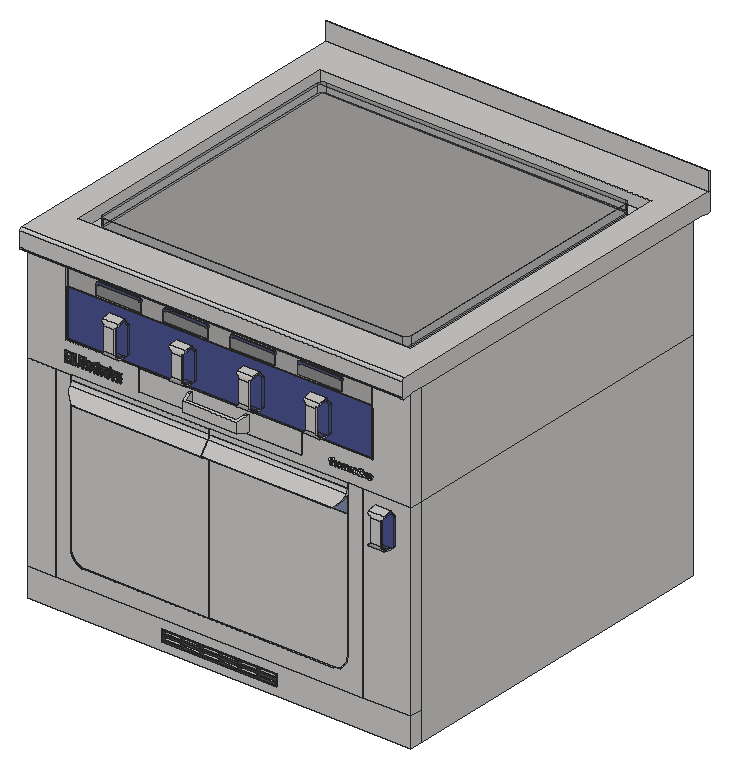
Revit family "QF_ELECTROLUXPROFESSIONAL_588458_MALPEBH4AO", category Attrezzature speciali, Revit 2020
Family settings
  Quota connettore circolare = Usa diametro
  Tipo di parte = Normale
  Basato su piano di lavoro = No
  Sempre verticale = Sì
  Taglio con vuoti quando caricato = No
  Condiviso = No
  Punto di calcolo locali = No
Parameters (values of type "Standard")
  Weight = 143.00 kg
  Watts = 14300 W
  Volts = 400 V
  URL Manufacturer = "https://www.electroluxprofessional.com/"
  URL = "https://www.electroluxprofessional.com/"
  Steam Supply Size = 0"
  Steam Supply Minimum Pressure = 0.00 psi
  Steam Supply Maximum Pressure = 0.00 psi
  Steam Consumption per Hour = 0
  Refrigeration Suction Line Size = 0 mm
  Refrigeration Liquid Line Size = 0 mm
  Refrigerant Compressor Remote = yes
  Prospetto di default = 0 mm
  Phase = 3
  Modello = "MALPEBH4AO"
  Produttore = "Electrolux Professional"
  Length Actual = 800 mm  # constant formula
  Item Number = "588458"
  Hot Water Size = 0"
  Height Actual = 700 mm  # constant formula
  HP = "19.2 HP"
  Gas Size = 0"
  Gas KW = 0
  Gas Input Pressure = 0.0 Btu/h
  Direct Waste Size = 0"
  Descrizione = "EL.SOLID TOP,WARM.CAB.1S,BS,800X800X700H"
  Depth Actual = 800 mm  # constant formula
  Cycle = 50 Hz
  Condensate Return Size = 0"
  Compressed Air Volume = 0 GPM
  Compressed Air Size = 0"
  Compressed Air Pressure = 0.00 psi
  Cold Water Size = 0"
  Accessory = yes
Reference planes
  plane 1 "BACK": y = 0
  plane 2: z = 0
  plane 3 "LEFT": x = 0
  plane 4 "RIGHT": x = 800
  plane 5 "FRONT": y = -800
  plane 6 "TOP": z = 900
  plane 7 "Center (Left/Right)": x = 400
  plane 8: y = -400
  plane 9: z = 200
  plane 10: y = -150
  plane 11 "Panel": y = -755
  plane 12: z = 798
  plane 13: z = 1327
  plane 14: x = 78
  plane 15: x = 722
  plane 16: y = -150
  plane 17: y = -650
  plane 18 "EIx": x = 755
  plane 19 "EIy": y = -585
  plane 20: x = 380
  plane 21 "BASE_TOP": z = 650
  plane 22: x = 60
  plane 23: x = 700
  plane 24: z = 260
  plane 25: z = 938
Forms (mm)
  Extrusion 1, solid, material "QF_Finishes_Stainless Steel"
    sketch origin (-178.969, -4571, 200) x (-1, 0, 0) y (0, -1, 0)
      loop
        line (-178.969, -4526) -> (-178.969, -3816) -> (-978.969, -3816) -> (-978.969, -4526) -> (-178.969, -4526)
    from 450 to 663
  Extrusion 2, solid, material "QF_Finishes_Stainless Steel"
    sketch origin (0, 0, 0) x (0, 1, 0) y (0, 0, 1)
      loop
        line (-755, 200) -> (-755, 260) -> (-780, 260) -> (-780, 200) -> (-755, 200)
    from 0 to 800
  Extrusion 3, solid, material "QF_Finishes_Stainless Steel"
    sketch origin (-588.969, -4562, 200) x (-1, 0, 0) y (0, -1, 0)
      loop
        circle (-1343.969, -3977) r 6.35
    from 0 to -11.851
  Extrusion 4, solid, material "QF_Finishes_Stainless Steel"
    sketch origin (400, 296.4, 1219.2) x (0, 1, 0) y (0, 0, 1)
      loop
        line (-296.4, -319.2) -> (-1091.4, -319.2)
        arc (-1091.4, -319.2) -> (-1094.935, -320.664) -> (-1096.4, -324.2) r 5
        line (-1096.4, -324.2) -> (-1096.4, -355.2)
        arc (-1096.4, -355.2) -> (-1094.971, -358.264) -> (-1091.705, -359.139) r 4
        line (-1091.705, -359.139) -> (-1076.4, -356.231) -> (-316.4, -356.231) -> (-301.094, -359.139)
        arc (-301.094, -359.139) -> (-297.829, -358.264) -> (-296.4, -355.2) r 4
        line (-296.4, -355.2) -> (-296.4, -319.2)
    from -400 to 400
  Extrusion 5, solid, material "QF_Finishes_Electrolux_Black Smoke Iluminated"
    sketch origin (0, 0, 900) x (-1, 0, 0) y (0, -1, 0)
      loop
        arc (-88, 109) -> (-80.929, 111.929) -> (-78, 119) r 10
        line (-78, 119) -> (-78, 680)
        arc (-78, 680) -> (-80.929, 687.071) -> (-88, 690) r 10
        line (-88, 690) -> (-712, 690)
        arc (-712, 690) -> (-719.071, 687.071) -> (-722, 680) r 10
        line (-722, 680) -> (-722, 119)
        arc (-722, 119) -> (-719.071, 111.929) -> (-712, 109) r 10
        line (-712, 109) -> (-88, 109)
    from 0 to -20
  Extrusion 6, solid, material "QF_Finishes_Stainless Steel"
    sketch origin (-178.969, -4571, 200) x (-1, 0, 0) y (0, -1, 0)
      loop
        line (-178.969, -4526) -> (-178.969, -3816) -> (-978.969, -3816) -> (-978.969, -4526) -> (-178.969, -4526)
    from 450 to 0
  Extrusion 7, void
    sketch origin (0, -755, 0) x (-1, 0, 0) y (0, 0, 1)
      loop
        line (-520, 216.594) -> (-280, 216.594) -> (-280, 241.594) -> (-520, 241.594) -> (-520, 216.594)
    from 0 to -25
  Extrusion 8, solid, material "QF_Finishes_Black"
    sketch origin (0, -755, 0) x (-1, 0, 0) y (0, 0, 1)
      loop
        line (-280, 241.594) -> (-520, 241.594) -> (-520, 216.594) -> (-280, 216.594) -> (-280, 241.594)
      loop
        line (-282, 239.594) -> (-319.131, 239.594) -> (-319.131, 230.094) -> (-282, 230.094) -> (-282, 239.594)
      loop
        line (-282, 218.594) -> (-282, 228.094) -> (-319.131, 228.094) -> (-319.131, 218.594) -> (-282, 218.594)
      loop
        line (-321.131, 239.594) -> (-359.066, 239.594) -> (-359.066, 230.094) -> (-321.131, 230.094) -> (-321.131, 239.594)
      loop
        line (-399, 239.594) -> (-399, 230.094) -> (-361.066, 230.094) -> (-361.066, 239.594) -> (-399, 239.594)
      loop
        line (-401, 239.594) -> (-438.934, 239.594) -> (-438.934, 230.094) -> (-401, 230.094) -> (-401, 239.594)
      loop
        line (-359.066, 218.594) -> (-321.131, 218.594) -> (-321.131, 228.094) -> (-359.066, 228.094) -> (-359.066, 218.594)
      loop
        line (-361.066, 218.594) -> (-361.066, 228.094) -> (-399, 228.094) -> (-399, 218.594) -> (-361.066, 218.594)
      loop
        line (-401, 228.094) -> (-438.934, 228.094) -> (-438.934, 218.594) -> (-401, 218.594) -> (-401, 228.094)
      loop
        line (-518, 239.594) -> (-518, 230.094) -> (-480.869, 230.094) -> (-480.869, 239.594) -> (-518, 239.594)
      loop
        line (-518, 218.594) -> (-480.869, 218.594) -> (-480.869, 228.094) -> (-518, 228.094) -> (-518, 218.594)
      loop
        line (-478.869, 239.594) -> (-478.869, 230.094) -> (-440.934, 230.094) -> (-440.934, 239.594) -> (-478.869, 239.594)
      loop
        line (-440.934, 218.594) -> (-440.934, 228.094) -> (-478.869, 228.094) -> (-478.869, 218.594) -> (-440.934, 218.594)
    from -25.03 to -20
  Extrusion 9, void
    sketch origin (0, 0, 900) x (-1, 0, 0) y (0, -1, 0)
      loop
        line (-53, 715) -> (-747, 715) -> (-747, 84) -> (-53, 84) -> (-53, 715)
    from 0 to -25
  Extrusion 10, solid, material "QF_Finishes_Stainless Steel"
    sketch origin (0, 0, 900) x (-1, 0, 0) y (0, -1, 0)
      loop
        line (-82, 113) -> (-82, 686) -> (-718, 686) -> (-718, 113) -> (-82, 113)
    from -20 to -25
  Extrusion 11, solid, material "QF_Finishes_Stainless Steel"
    sketch origin (0, -755, 0) x (-1, 0, 0) y (0, 0, 1)
      loop
        line (0, 260) -> (0, 650) -> (-60, 650) -> (-60, 260) -> (0, 260)
    from 0 to -25.03
  Extrusion 12, solid, material "QF_Finishes_Stainless Steel"
    sketch origin (0, -755, 0) x (-1, 0, 0) y (0, 0, 1)
      loop
        line (-700, 260) -> (-700, 650) -> (-800, 650) -> (-800, 260) -> (-700, 260)
    from 0 to -25.03
  Extrusion 13, solid, material "QF_Finishes_Stainless Steel"
    sketch origin (70, -755, 0) x (-1, 0, 0) y (0, 0, 1)
      loop
        line (10, 260) -> (10, 650) -> (-20, 650) -> (-20, 325)
        arc (-20, 325) -> (-28.787, 303.787) -> (-50, 295) r 30
        line (-50, 295) -> (-570, 295)
        arc (-570, 295) -> (-591.213, 303.787) -> (-600, 325) r 30
        line (-600, 325) -> (-600, 650) -> (-630, 650) -> (-630, 260) -> (10, 260)
    from 0 to -25.03
  Extrusion 14, solid, material "QF_Finishes_Stainless Steel"
    sketch origin (400, 296.4, 1219.2) x (0, 1, 0) y (0, 0, 1)
      loop
        line (-296.4, -281.2) -> (-298.4, -281.2) -> (-298.4, -319.2) -> (-296.4, -319.2) -> (-296.4, -281.2)
    from -400 to 400
Cuts and joins
  Extrusion 7 cuts Extrusion 6
  Extrusion 7 cuts Extrusion 2
  Extrusion 9 cuts Extrusion 4
Lines and regions (mm)
  symbolic lines
    curve 1: line (0, 0, 200) -> (800, 0, 200)
    curve 2: line (0, -800, 200) -> (0, 0, 200)
    curve 3: line (800, -800, 200) -> (0, -800, 200)
    curve 4: line (800, 0, 200) -> (800, -800, 200)
    curve 5: line (712, -109, 200) -> (88, -109, 200)
    curve 6: line (78, -119, 200) -> (78, -680, 200)
    curve 7: line (88, -690, 200) -> (712, -690, 200)
    curve 8: line (722, -680, 200) -> (722, -119, 200)
    curve 9: arc (88, -109, 200) -> (80.929, -111.929, 200) -> (78, -119, 200) r 10
    curve 10: arc (722, -119, 200) -> (719.071, -111.929, 200) -> (712, -109, 200) r 10
    curve 11: arc (712, -690, 200) -> (719.071, -687.071, 200) -> (722, -680, 200) r 10
    curve 12: arc (78, -680, 200) -> (80.929, -687.071, 200) -> (88, -690, 200) r 10
    curve 13: line (747, -84, 900) -> (53, -84, 900)
    curve 14: line (53, -84, 900) -> (53, -715, 900)
    curve 15: line (747, -715, 900) -> (747, -84, 900)
    curve 16: line (53, -715, 900) -> (747, -715, 900)
    curve 33: line (0, -2, 900) -> (800, -2, 900)
  model lines, style "SpecialityEquipment"
    curve 17: arc (584, -161, 900) -> (530.967, -289.033, 900) -> (659, -236, 900) r 75
    curve 18: line (639, -236, 900) -> (679, -236, 900)
    curve 19: line (679, -236, 900) -> (659, -216, 900)
    curve 20: line (639, -236, 900) -> (659, -216, 900)
    curve 21: arc (216, -161, 900) -> (162.967, -289.033, 900) -> (291, -236, 900) r 75
    curve 22: line (271, -236, 900) -> (311, -236, 900)
    curve 23: line (311, -236, 900) -> (291, -216, 900)
    curve 24: line (271, -236, 900) -> (291, -216, 900)
    curve 25: arc (584, -489, 900) -> (530.967, -617.033, 900) -> (659, -564, 900) r 75
    curve 26: line (639, -564, 900) -> (679, -564, 900)
    curve 27: line (679, -564, 900) -> (659, -544, 900)
    curve 28: line (639, -564, 900) -> (659, -544, 900)
    curve 29: arc (216, -489, 900) -> (162.967, -617.033, 900) -> (291, -564, 900) r 75
    curve 30: line (271, -564, 900) -> (311, -564, 900)
    curve 31: line (311, -564, 900) -> (291, -544, 900)
    curve 32: line (271, -564, 900) -> (291, -544, 900)
Dimensions and locks
  plane 3 "LEFT" to plane 4 "RIGHT" = 800 mm
  plane 5 "FRONT" to plane 1 "BACK" = 800 mm
  equal spacing: plane 3 "LEFT", plane 7 "Center (Left/Right)", plane 4 "RIGHT"
  equal spacing: plane 5 "FRONT", plane 8, plane 1 "BACK"
  plane 9 to level = 200 mm
  plane 1 "BACK" to plane 10 to plane 11 "Panel" = 150 mm, 605 mm  (x2)
  plane 6 "TOP" to plane 9 to level = 700 mm, 200 mm
  plane 6 "TOP" to level = 900 mm
  plane 1 "BACK" to plane 5 "FRONT" = 800 mm
  plane 1 "BACK" to Extrusion 3 = 585 mm
  plane 12 to plane 9 = 598 mm
  plane 13 to plane 6 "TOP" = 427 mm
  plane 6 "TOP" to plane 12 = 102 mm
  plane 14 to plane 3 "LEFT" = 78 mm
  plane 15 to plane 4 "RIGHT" = 78 mm
  locked: plane 1 "BACK" to plane 16 at 150
  locked: plane 16 to plane 17 at 500
  plane 11 "Panel" to plane 5 "FRONT" = 45 mm
  plane 18 "EIx" to plane 4 "RIGHT" = 45 mm
  plane 19 "EIy" to plane 1 "BACK" = 585 mm
  plane 7 "Center (Left/Right)" to plane 20 = 20 mm
  locked: plane 22 to plane 3 "LEFT" at 60
  plane 23 to plane 4 "RIGHT" = 100 mm
  plane 6 "TOP" to plane 21 "BASE_TOP" to plane 9 to level = 250 mm, 450 mm, 200 mm
  plane 1 "BACK" to Extrusion 14 sketch curve = 2 mm
  plane 25 to plane 6 "TOP" = 38 mm
  aligned and locked: level to plane 2
  aligned and locked: Extrusion 2 to plane 4 "RIGHT"
  aligned and locked: Extrusion 12 to plane 4 "RIGHT"
  aligned and locked: Extrusion 12 to plane 23
  aligned and locked: plane 21 "BASE_TOP" to Extrusion 12
  aligned and locked: Extrusion 12 to plane 24
  aligned and locked: Extrusion 11 to plane 3 "LEFT"
  aligned and locked: plane 22 to Extrusion 11
  aligned and locked: Extrusion 11 to plane 24
  aligned and locked: Extrusion 13 sketch curve to plane 22
  aligned and locked: Extrusion 13 sketch curve to plane 23
  aligned and locked: Extrusion 13 sketch curve to plane 21 "BASE_TOP"
  aligned and locked: plane 6 "TOP" to Extrusion 14 sketch curve
  aligned and locked: Extrusion 14 sketch curve to plane 25
  aligned and locked: Extrusion 14 to plane 3 "LEFT"
  aligned and locked: Extrusion 14 to plane 4 "RIGHT"
  aligned and locked: plane 24 to cut or joined group of Extrusion 2, Extrusion 7
Automatic sketch dimensions
  Extrusion 1 sketch curve to plane 4 "RIGHT" = 0 mm
  Extrusion 1 sketch curve to plane 3 "LEFT" = 0 mm
  plane 11 "Panel" to Extrusion 1 sketch curve = 0 mm
  plane 1 "BACK" to Extrusion 1 sketch curve = 45 mm
  Extrusion 2 sketch curve to plane 9 = 0 mm
  Extrusion 2 sketch curve to plane 11 "Panel" = 0 mm
  plane 24 to Extrusion 2 sketch curve = 0 mm
  Extrusion 2 sketch curve to plane 5 "FRONT" = 20 mm
  plane 1 "BACK" to curve 1 = 0 mm
  curve 1 to plane 4 "RIGHT" = 0 mm
  curve 8 to plane 15 = 0 mm
  curve 6 to plane 14 = 0 mm
  curve 2 to plane 3 "LEFT" = 0 mm
  plane 5 "FRONT" to curve 3 = 0 mm
  plane 15 to curve 5 = 10 mm
  curve 11 to curve 11 = 10 mm
  curve 5 to plane 14 = 10 mm
  curve 12 to curve 6 = 10 mm
  plane 10 to curve 5 = 41 mm
  plane 17 to curve 11 = 30 mm
  Extrusion 3 sketch curve to plane 18 "EIx" = 0 mm
  Extrusion 3 sketch curve to plane 19 "EIy" = 0 mm
  Extrusion 4 sketch curve to plane 5 "FRONT" = 0 mm
  Extrusion 4 sketch curve to plane 6 "TOP" = 0 mm
  Extrusion 4 sketch curve to plane 1 "BACK" = 0 mm
  Extrusion 4 sketch curve to plane 5 "FRONT" = 4 mm
  Extrusion 4 sketch curve to Extrusion 4 sketch curve = 0.695 mm
  Extrusion 4 sketch curve to plane 5 "FRONT" = 5 mm
  Extrusion 4 sketch curve to Extrusion 4 sketch curve = 15.305 mm
  plane 1 "BACK" to Extrusion 4 sketch curve = 20 mm
  plane 1 "BACK" to Extrusion 4 sketch curve = 4.695 mm
  Extrusion 4 sketch curve to Extrusion 4 sketch curve = 4 mm
  Extrusion 4 sketch curve to Extrusion 4 sketch curve = 31 mm
  Extrusion 4 sketch curve to plane 6 "TOP" = 36 mm
  Extrusion 4 sketch curve to Extrusion 4 sketch curve = 2.909 mm
  Extrusion 5 sketch curve to plane 15 = 0 mm
  Extrusion 5 sketch curve to plane 14 = 0 mm
  plane 15 to Extrusion 5 sketch curve = 10 mm  (x2)
  Extrusion 5 sketch curve to Extrusion 5 sketch curve = 10 mm  (x2)
  plane 10 to Extrusion 5 sketch curve = 41 mm
  plane 17 to Extrusion 5 sketch curve = 30 mm
  Extrusion 6 sketch curve to plane 4 "RIGHT" = 0 mm
  Extrusion 6 sketch curve to plane 3 "LEFT" = 0 mm
  plane 11 "Panel" to Extrusion 6 sketch curve = 0 mm
  plane 1 "BACK" to Extrusion 6 sketch curve = 45 mm
  plane 9 to Extrusion 7 sketch curve = 41.594 mm
  plane 7 "Center (Left/Right)" to Extrusion 7 sketch curve = 120 mm
  Extrusion 7 sketch curve to plane 20 = 100 mm
  plane 9 to Extrusion 7 sketch curve = 16.594 mm
  plane 9 to Extrusion 8 sketch curve = 41.594 mm
  plane 7 "Center (Left/Right)" to Extrusion 8 sketch curve = 120 mm
  Extrusion 8 sketch curve to Extrusion 8 sketch curve = 2 mm  (x16)
  Extrusion 8 sketch curve to Extrusion 8 sketch curve = 0 mm  (x15)
  Extrusion 8 sketch curve to Extrusion 8 sketch curve = 37.131 mm  (x2)
  Extrusion 8 sketch curve to Extrusion 8 sketch curve = 37.934 mm  (x2)
  plane 7 "Center (Left/Right)" to Extrusion 8 sketch curve = 1 mm  (x2)
  Extrusion 8 sketch curve to plane 7 "Center (Left/Right)" = 1 mm  (x2)
  Extrusion 8 sketch curve to plane 20 = 18.934 mm
  plane 9 to Extrusion 8 sketch curve = 18.594 mm  (x4)
  Extrusion 8 sketch curve to Extrusion 8 sketch curve = 9.5 mm  (x6)
  plane 18 "EIx" to Extrusion 9 sketch curve = 8 mm
  Extrusion 9 sketch curve to plane 22 = 7 mm
  plane 10 to Extrusion 9 sketch curve = 66 mm
  plane 11 "Panel" to Extrusion 9 sketch curve = 40 mm
  plane 15 to Extrusion 10 sketch curve = 4 mm
  Extrusion 10 sketch curve to plane 14 = 4 mm
  plane 10 to Extrusion 10 sketch curve = 37 mm
  plane 17 to Extrusion 10 sketch curve = 36 mm
  plane 18 "EIx" to curve 16 = 8 mm
  curve 19 to plane 23 = 21 mm
  curve 27 to plane 23 = 21 mm
  curve 26 to curve 27 = 20 mm
  curve 18 to curve 20 = 20 mm
  curve 19 to curve 20 = 20 mm
  curve 27 to curve 26 = 20 mm
  curve 18 to curve 17 = 55 mm
  curve 26 to curve 25 = 55 mm
  curve 31 to plane 20 = 69 mm
  curve 23 to plane 20 = 69 mm
  curve 22 to curve 24 = 20 mm
  curve 30 to curve 31 = 20 mm
  curve 31 to curve 32 = 20 mm
  curve 23 to curve 24 = 20 mm
  curve 22 to curve 21 = 55 mm
  curve 30 to curve 29 = 55 mm
  curve 14 to plane 22 = 7 mm
  curve 22 to plane 10 = 86 mm
  curve 18 to plane 10 = 86 mm
  plane 10 to curve 13 = 66 mm
  plane 11 "Panel" to curve 15 = 40 mm
  curve 25 to curve 26 = 20 mm
  curve 17 to curve 18 = 20 mm
  curve 29 to curve 30 = 20 mm
  curve 21 to curve 22 = 20 mm
  Extrusion 11 sketch curve to plane 22 = 0 mm
  Extrusion 11 sketch curve to plane 3 "LEFT" = 0 mm
  Extrusion 11 sketch curve to plane 24 = 0 mm
  Extrusion 11 sketch curve to plane 21 "BASE_TOP" = 0 mm
  plane 4 "RIGHT" to Extrusion 12 sketch curve = 0 mm
  Extrusion 12 sketch curve to plane 21 "BASE_TOP" = 0 mm
  Extrusion 12 sketch curve to plane 23 = 0 mm
  Extrusion 12 sketch curve to plane 24 = 0 mm
  Extrusion 13 sketch curve to plane 21 "BASE_TOP" = 0 mm
  Extrusion 13 sketch curve to plane 24 = 0 mm
  Extrusion 13 sketch curve to plane 23 = 30 mm
  Extrusion 13 sketch curve to Extrusion 13 sketch curve = 30 mm
  Extrusion 13 sketch curve to plane 14 = 42 mm
  Extrusion 13 sketch curve to plane 14 = 12 mm
  plane 24 to Extrusion 13 sketch curve = 35 mm
  Extrusion 14 sketch curve to plane 1 "BACK" = 0 mm
  plane 19 "EIy" to curve 31 = 21 mm
  plane 19 "EIy" to curve 27 = 41 mm
  radius of Extrusion 3 sketch curve = 6.35 mm
Nested families
  nested 1: "FIT Range Control Handle" at (745, -783.167, -372.751), type "FIT Range Control Handle"
  nested 2: "Front_Panel_W800_Four Knobs" at (202.376, -755, 0), type "Front_Panel_W800_Four Knobs"
  nested 3: "H450H2_2DOOR" at (343.958, -755, 200) x (1, 0, 0) z (0, -1, 0), type "H450H2_2DOOR"
    with Width 580 mm, Wdoor 290 mm, Show Clearance yes
  nested 4: "Warm" at (800, -800, 900), type "Warm"
Connectors
  electrical at (755, -585, 188.149)
    settings: on Extrusion 3, index 1, voltage 400 V, apparent load 33000 VA, apparent load phase1 0 VA, apparent load phase2 0 VA, apparent load phase3 0 VA, power factor 1, load classification "Other", number of poles 1, system type 30, power factor state 1, is connector primary yes, connector utility no, sub classification motor no, connector description "ELECTRICAL CONNECTION"
Definition of nested family "FIT Range Control Handle"
  Parameters
    Default Elevation = 0 mm
  Reference planes
    plane 1 "Center (Front/Back)": y = 0
    plane 2: z = 0
    plane 3 "Center (Left/Right)": x = 0
    plane 4: z = 971.092
    plane 5: y = -16.8
  Forms (mm)
    Extrusion 1, solid
      sketch origin (-746.28, 380.497, 208.931) x (-1, 0, 0) y (0, 0, 1)
        loop
          line (-770.101, 786.798) -> (-770.101, 731.649)
          arc (-770.101, 731.649) -> (-769.759, 730.563) -> (-768.855, 729.87) r 1.893
          line (-768.855, 729.87) -> (-763.474, 727.911) -> (-729.81, 727.911) -> (-724.428, 729.87)
          arc (-724.428, 729.87) -> (-723.525, 730.563) -> (-723.183, 731.649) r 1.893
          line (-723.183, 731.649) -> (-723.183, 786.798)
          arc (-723.183, 786.798) -> (-723.529, 787.894) -> (-724.44, 788.593) r 1.91
          line (-724.44, 788.593) -> (-729.683, 790.819) -> (-763.601, 790.819) -> (-768.844, 788.593)
          arc (-768.844, 788.593) -> (-769.755, 787.894) -> (-770.101, 786.798) r 1.91
      from -382.35 to -378.852
    Sweep 2, solid
      path origin (-746.788, 380.496, 208.091) x (0, -1, 0) y (0, 0, 1)
        loop
          line (379.775, 793.281) -> (395.661, 791.048)
          arc (395.661, 791.048) -> (397.781, 787.377) -> (398.517, 783.202) r 12.207
          line (398.517, 783.202) -> (398.517, 737.368)
          arc (398.517, 737.368) -> (397.781, 733.193) -> (395.661, 729.522) r 12.207
          line (395.661, 729.522) -> (379.775, 727.289)
      profile origin (-746.788, -7.222, 1000.256) x (0, -0.139173, 0.990268) y (-1, 0, 0)
        loop
          line (0.782, -763.123) -> (0.782, -730.907) -> (-1.322, -730.907) -> (-1.322, -763.123) -> (0.782, -763.123)
    Sweep 3, solid
      path origin (-746.788, 380.715, 207.832) x (0, -1, 0) y (0, 0, 1)
        loop
          line (380.478, 795.442) -> (397.218, 793.09)
          arc (397.218, 793.09) -> (399.929, 788.473) -> (400.871, 783.202) r 15.207
          line (400.871, 783.202) -> (400.871, 737.584)
          arc (400.871, 737.584) -> (399.914, 732.274) -> (397.164, 727.633) r 15.207
          line (397.164, 727.633) -> (380.601, 725.305)
      profile origin (-746.788, -8.132, 1002.099) x (0, -0.139173, 0.990268) y (-1, 0, 0)
        loop
          line (0.782, -763.123) -> (0.782, -730.907) -> (-1.322, -730.907) -> (-1.322, -763.123) -> (0.782, -763.123)
    Extrusion 4, void
      sketch origin (889.253, 220.666, 207.993) x (1, 0, 0) y (0, 0, 1)
        loop
          line (-943.038, 816.854) -> (-943.038, 703.686) -> (-899.466, 734.196) -> (-899.466, 786.344) -> (-943.038, 816.854)
      from 230.636 to 242.25
    Extrusion 5, void
      sketch origin (-888.8, 220.666, 207.993) x (-1, 0, 0) y (0, 0, -1)
        loop
          line (-943.038, -816.854) -> (-899.466, -786.344) -> (-899.466, -734.196) -> (-943.038, -703.686) -> (-943.038, -816.854)
      from 230.636 to 242.25
    Extrusion 6, solid
      sketch origin (0, 0, 0) x (1, 0, 0) y (0, 0, 1)
        loop
          circle (0, 971.092) r 7.736
      from -3.137 to -1.645
  Cuts and joins
    Extrusion 4, Extrusion 5 cuts Sweep 3
    Extrusion 4, Extrusion 5 cuts Sweep 2
    joined: Extrusion 1, Extrusion 6
  Lines and regions (mm)
    symbolic lines
      curve 1: line (-15.881, -19.189, 0) -> (-15.881, -16.8, 0)
      curve 2: line (16.334, -19.189, 0) -> (16.334, -16.8, 0)
      curve 3: spline (-15.881, -19.189, 0) -> (-15.417, -19.349, 0) -> (-14.951, -19.501, 0) -> (-14.483, -19.646, 0) -> (-14.014, -19.783, 0) -> (-13.543, -19.912, 0) -> (-13.071, -20.033, 0) -> (-12.597, -20.146, 0) -> (-12.122, -20.251, 0) -> (-11.646, -20.349, 0) -> (-11.169, -20.438, 0) -> (-10.691, -20.52, 0) -> (-10.213, -20.593, 0)
      curve 4: spline (10.666, -20.593, 0) -> (11.144, -20.52, 0) -> (11.622, -20.438, 0) -> (12.099, -20.349, 0) -> (12.575, -20.251, 0) -> (13.05, -20.146, 0) -> (13.524, -20.033, 0) -> (13.996, -19.912, 0) -> (14.467, -19.783, 0) -> (14.936, -19.646, 0) -> (15.404, -19.501, 0) -> (15.87, -19.349, 0) -> (16.334, -19.189, 0)
      curve 5: line (-10.213, -20.938, 0) -> (10.716, -20.938, 0)
  Dimensions and locks
    cut or joined group of Sweep 3, Extrusion 4, Extrusion 5 to cut or joined group of Sweep 3, Extrusion 4, Extrusion 5 = 71.686 mm
Definition of nested family "Front_Panel_W800_Four Knobs"
  Parameters
    Default Elevation = 0 mm
  Reference planes
    plane 1 "Center (Front/Back)": y = 0
    plane 2: z = 0
    plane 3 "Center (Left/Right)": x = 197.624
    plane 4 "Left": x = -202.376
    plane 5 "Right": x = 597.624
    plane 6: y = -45
    plane 7: x = -12.376
    plane 8: x = 127.624
    plane 9: y = -310
    plane 10: y = -25
    plane 11: x = 517.624
    plane 12: x = -122.376
  Forms (mm)
    Extrusion 1, solid
      sketch origin (833.217, 829.203, -1.25) x (0, 1, 0) y (0, 0, 1)
        loop
          line (-854.203, 651.25) -> (-829.203, 651.25) -> (-829.203, 864.25) -> (-854.203, 864.25) -> (-854.203, 651.25)
      from -1035.593 to -235.593
    Extrusion 2, void
      sketch origin (0, 0, 0) x (1, 0, 0) y (0, 0, 1)
        loop
          line (-122.376, 853.866) -> (-122.376, 711.866) -> (517.624, 711.866) -> (517.624, 853.866) -> (-122.376, 853.866)
      from 19.387 to 33.951
    Extrusion 3, void
      sketch origin (0, 0, 0) x (1, 0, 0) y (0, 0, 1)
        loop
          line (30.124, 711.866) -> (30.124, 666.866) -> (370.124, 666.866) -> (370.124, 711.866) -> (30.124, 711.866)
      from 19.387 to 25
    Extrusion 4, solid
      sketch origin (0, 0, 0) x (1, 0, 0) y (0, 0, 1)
        loop
          line (31.124, 710.866) -> (31.124, 667.866) -> (369.124, 667.866) -> (369.124, 710.866) -> (31.124, 710.866)
      from 19.387 to 25
    Extrusion 5, solid
      sketch origin (0, 0, 0) x (1, 0, 0) y (0, 1, 0)
        loop
          line (141.059, -25) -> (135.966, -25) -> (140.646, -49.075) -> (254.603, -49.075) -> (259.283, -25) -> (254.189, -25) -> (250.481, -44.075) -> (144.767, -44.075) -> (141.059, -25)
      from 672.593 to 705.67
    Extrusion 6, void
      sketch origin (197.624, 0, 0) x (0, 1, 0) y (0, 0, 1)
        loop
          line (-30, 705.67) -> (-30, 710.67) -> (-56.744, 710.67) -> (-56.744, 667.593) -> (-30, 667.593) -> (-30, 672.593) -> (-53.776, 680.318) -> (-53.776, 697.945) -> (-30, 705.67)
      from -70 to 70
    Extrusion 7, solid, detail levels coarse
      sketch origin (0, -265, 0) x (1, 0, 0) y (0, 1, 0)
        loop
          line (140.646, -69.075) -> (254.603, -69.075) -> (259.283, -45) -> (364.124, -45) -> (364.124, 240) -> (31.124, 240) -> (31.124, -45) -> (135.966, -45) -> (140.646, -69.075)
      from 672.593 to 705.67
    Extrusion 8, void
      sketch origin (197.624, -280, 0) x (0, 1, 0) y (0, 0, 1)
        loop
          line (-30, 705.67) -> (-30, 710.67) -> (-56.744, 710.67) -> (-56.744, 667.593) -> (-30, 667.593) -> (-30, 672.593) -> (-53.776, 680.318) -> (-53.776, 697.945) -> (-30, 705.67)
      from -70 to 70
  Cuts and joins
    Extrusion 2, Extrusion 3 cuts Extrusion 1
    Extrusion 6, Extrusion 8 cuts Extrusion 5
    Extrusion 8 cuts Extrusion 7
  Lines and regions (mm)
    symbolic lines
      curve 1: line (31.124, -45, 0) -> (31.124, -310, 0)
      curve 2: line (31.124, -310, 0) -> (364.124, -310, 0)
      curve 3: line (135.966, -310, 0) -> (140.646, -334.075, 0)
      curve 4: line (140.646, -334.075, 0) -> (254.603, -334.075, 0)
      curve 5: line (254.603, -334.075, 0) -> (259.283, -310, 0)
      curve 6: line (364.124, -310, 0) -> (364.124, -45, 0)
      curve 7: line (31.124, -300, 0) -> (364.124, -300, 0)
      curve 8: line (140.874, -309.046, 0) -> (144.767, -329.075, 0)
      curve 9: line (144.767, -329.075, 0) -> (250.481, -329.075, 0)
      curve 10: line (250.481, -329.075, 0) -> (254.375, -309.046, 0)
  Dimensions and locks
    equal spacing: plane 5 "Right", plane 3 "Center (Left/Right)", plane 4 "Left"
    plane 5 "Right" to plane 4 "Left" = 800 mm
    plane 3 "Center (Left/Right)" to plane 7 = 210 mm
    plane 3 "Center (Left/Right)" to plane 8 = 70 mm
    plane 6 to plane 9 = 265 mm
    aligned and locked: cut or joined group of Extrusion 1, Extrusion 2, Extrusion 3 to plane 4 "Left"
    aligned and locked: plane 5 "Right" to cut or joined group of Extrusion 1, Extrusion 2, Extrusion 3
    aligned and locked: plane 3 "Center (Left/Right)" to nested 2
    aligned and locked: cut or joined group of Extrusion 1, Extrusion 2, Extrusion 3 to nested 2
  Automatic sketch dimensions
    plane 7 to Extrusion 3 sketch curve = 42.5 mm
    plane 3 "Center (Left/Right)" to Extrusion 3 sketch curve = 172.5 mm
    level to Extrusion 3 sketch curve = 666.866 mm
    Extrusion 3 sketch curve to Extrusion 3 sketch curve = 45 mm
    plane 7 to Extrusion 4 sketch curve = 43.5 mm
    plane 3 "Center (Left/Right)" to Extrusion 4 sketch curve = 171.5 mm
    level to Extrusion 4 sketch curve = 667.866 mm
    Extrusion 4 sketch curve to Extrusion 4 sketch curve = 43 mm
    plane 8 to Extrusion 5 sketch curve = 8.342 mm
    plane 6 to Extrusion 5 sketch curve = 4.075 mm
    plane 8 to Extrusion 5 sketch curve = 13.021 mm
    Extrusion 5 sketch curve to Extrusion 5 sketch curve = 5.094 mm  (x2)
    Extrusion 5 sketch curve to plane 6 = 0.925 mm
    Extrusion 5 sketch curve to Extrusion 5 sketch curve = 4.122 mm  (x2)
    plane 3 "Center (Left/Right)" to Extrusion 5 sketch curve = 52.857 mm
    Extrusion 5 sketch curve to plane 6 = 20 mm  (x2)
    Extrusion 5 sketch curve to Extrusion 5 sketch curve = 3.708 mm
    plane 6 to Extrusion 6 sketch curve = 11.744 mm
    plane 6 to Extrusion 6 sketch curve = 8.776 mm
    Extrusion 6 sketch curve to plane 6 = 15 mm  (x2)
    level to Extrusion 6 sketch curve = 667.593 mm
    Extrusion 6 sketch curve to Extrusion 6 sketch curve = 5 mm
    Extrusion 6 sketch curve to Extrusion 6 sketch curve = 12.725 mm  (x2)
    Extrusion 6 sketch curve to Extrusion 6 sketch curve = 17.627 mm
    Extrusion 6 sketch curve to Extrusion 6 sketch curve = 7.725 mm
    Extrusion 8 sketch curve to plane 9 = 26.744 mm
    Extrusion 8 sketch curve to plane 9 = 23.776 mm
    plane 9 to Extrusion 8 sketch curve = 0 mm  (x2)
    level to Extrusion 8 sketch curve = 667.593 mm
    Extrusion 8 sketch curve to Extrusion 8 sketch curve = 5 mm
    Extrusion 8 sketch curve to Extrusion 8 sketch curve = 12.725 mm  (x2)
    Extrusion 8 sketch curve to Extrusion 8 sketch curve = 17.627 mm
    Extrusion 8 sketch curve to Extrusion 8 sketch curve = 7.725 mm
    plane 9 to Extrusion 7 sketch curve = 0 mm  (x2)
    plane 7 to Extrusion 7 sketch curve = 43.5 mm
    plane 8 to Extrusion 7 sketch curve = 8.342 mm
    Extrusion 7 sketch curve to plane 9 = 24.075 mm
    plane 8 to Extrusion 7 sketch curve = 13.021 mm
    Extrusion 7 sketch curve to Extrusion 7 sketch curve = 104.842 mm
    Extrusion 7 sketch curve to plane 6 = 20 mm
    plane 3 "Center (Left/Right)" to Extrusion 7 sketch curve = 56.979 mm
    Extrusion 7 sketch curve to Extrusion 7 sketch curve = 4.68 mm
    Extrusion 1 sketch curve to plane 1 "Center (Front/Back)" = 0 mm
    level to Extrusion 1 sketch curve = 650 mm
    plane 4 "Left" to Extrusion 2 sketch curve = 80 mm
    Extrusion 2 sketch curve to plane 5 "Right" = 80 mm
    level to Extrusion 2 sketch curve = 711.866 mm
    Extrusion 2 sketch curve to Extrusion 2 sketch curve = 142 mm
    plane 6 to curve 1 = 0 mm
    plane 6 to curve 6 = 0 mm
    plane 9 to curve 1 = 0 mm
    plane 7 to curve 1 = 43.5 mm
    curve 4 to plane 9 = 24.075 mm
    plane 8 to curve 4 = 13.021 mm
    curve 3 to curve 8 = 4.122 mm
    plane 3 "Center (Left/Right)" to curve 4 = 56.979 mm
    curve 4 to curve 2 = 109.521 mm
    plane 8 to curve 3 = 8.342 mm
    curve 3 to curve 8 = 4.908 mm
    curve 9 to curve 4 = 4.122 mm
    curve 10 to plane 9 = 19.075 mm
    curve 9 to curve 5 = 8.801 mm
    plane 9 to curve 10 = 0.954 mm
    curve 10 to curve 5 = 4.908 mm
    curve 3 to curve 8 = 0.954 mm
    curve 1 to curve 7 = 10 mm
    Extrusion 1 sketch curve to plane 6 = 20 mm
    Extrusion 1 sketch curve to Extrusion 1 sketch curve = 213 mm
  Nested families
    nested 1: "Range Control Handle" at (-12.376, -28.137, -209.113) x (-1, 0, 0) z (0, 0, 1), type "Range Control Handle"
    nested 2: "Front glass control panel W800" at (197.624, 280.644, 2.752), type "Front glass control panel W800"
    nested 3: "Range Control Handle" at (127.624, -28.137, -209.113) x (-1, 0, 0) z (0, 0, 1), type "Range Control Handle"
    nested 4: "Range Control Handle" at (407.624, -28.137, -209.113), type "Range Control Handle"
    nested 5: "Range Control Handle" at (267.624, -28.137, -209.113), type "Range Control Handle"
    nested 6: "ELX_ThermaLine_Small" at (468.838, -25, 679.426) x (1, 0, 0) z (0, -1, 0), type "ELX_ThermaLine_Small"
      with Show Logo yes, Material_Logo none
    nested 7: "ELX_Professional_Logo_Small" at (-62.89, -25, 681.659) x (1, 0, 0) z (0, -1, 0), type "ELX_Professional_Logo_Small"
      with Show Logo yes, Material_Logo none
  Definition of nested family "Range Control Handle"
    Parameters
      Default Elevation = 0 mm
    Reference planes
      plane 1 "Center (Front/Back)": y = 0
      plane 2: z = 0
      plane 3 "Center (Left/Right)": x = 0
      plane 4: z = 971.092
      plane 5: y = -16.9
    Forms (mm)
      Extrusion 1, solid
        sketch origin (-746.28, 380.497, 208.931) x (-1, 0, 0) y (0, 0, 1)
          loop
            line (-770.101, 786.798) -> (-770.101, 731.649)
            arc (-770.101, 731.649) -> (-769.759, 730.563) -> (-768.855, 729.87) r 1.893
            line (-768.855, 729.87) -> (-763.474, 727.911) -> (-729.81, 727.911) -> (-724.428, 729.87)
            arc (-724.428, 729.87) -> (-723.525, 730.563) -> (-723.183, 731.649) r 1.893
            line (-723.183, 731.649) -> (-723.183, 786.798)
            arc (-723.183, 786.798) -> (-723.529, 787.894) -> (-724.44, 788.593) r 1.91
            line (-724.44, 788.593) -> (-729.683, 790.819) -> (-763.601, 790.819) -> (-768.844, 788.593)
            arc (-768.844, 788.593) -> (-769.755, 787.894) -> (-770.101, 786.798) r 1.91
        from -382.35 to -378.852
      Sweep 2, solid
        path origin (-746.788, 380.496, 208.091) x (0, -1, 0) y (0, 0, 1)
          loop
            line (379.775, 793.281) -> (395.661, 791.048)
            arc (395.661, 791.048) -> (397.781, 787.377) -> (398.517, 783.202) r 12.207
            line (398.517, 783.202) -> (398.517, 737.368)
            arc (398.517, 737.368) -> (397.781, 733.193) -> (395.661, 729.522) r 12.207
            line (395.661, 729.522) -> (379.775, 727.289)
        profile origin (-746.788, -7.222, 1000.256) x (0, -0.139173, 0.990268) y (-1, 0, 0)
          loop
            line (0.782, -763.123) -> (0.782, -730.907) -> (-1.322, -730.907) -> (-1.322, -763.123) -> (0.782, -763.123)
      Sweep 3, solid
        path origin (-746.788, 380.715, 207.832) x (0, -1, 0) y (0, 0, 1)
          loop
            line (380.478, 795.442) -> (397.218, 793.09)
            arc (397.218, 793.09) -> (399.929, 788.473) -> (400.871, 783.202) r 15.207
            line (400.871, 783.202) -> (400.871, 737.584)
            arc (400.871, 737.584) -> (399.914, 732.274) -> (397.164, 727.633) r 15.207
            line (397.164, 727.633) -> (380.601, 725.305)
        profile origin (-746.788, -8.132, 1002.099) x (0, -0.139173, 0.990268) y (-1, 0, 0)
          loop
            line (0.782, -763.123) -> (0.782, -730.907) -> (-1.322, -730.907) -> (-1.322, -763.123) -> (0.782, -763.123)
      Extrusion 4, void
        sketch origin (889.253, 220.666, 207.993) x (1, 0, 0) y (0, 0, 1)
          loop
            line (-943.038, 816.854) -> (-943.038, 703.686) -> (-899.466, 734.196) -> (-899.466, 786.344) -> (-943.038, 816.854)
        from 230.636 to 242.25
      Extrusion 5, void
        sketch origin (-888.8, 220.666, 207.993) x (-1, 0, 0) y (0, 0, -1)
          loop
            line (-943.038, -816.854) -> (-899.466, -786.344) -> (-899.466, -734.196) -> (-943.038, -703.686) -> (-943.038, -816.854)
        from 230.636 to 242.25
      Extrusion 6, solid
        sketch origin (0, 0, 0) x (1, 0, 0) y (0, 0, 1)
          loop
            circle (0, 971.092) r 7.736
        from -3.137 to -1.645
    Cuts and joins
      Extrusion 4, Extrusion 5 cuts Sweep 3
      Extrusion 4, Extrusion 5 cuts Sweep 2
      joined: Extrusion 1, Extrusion 6
    Lines and regions (mm)
      symbolic lines
        curve 1: line (16.334, -16.9, 0) -> (16.334, -19.227, 0)
        curve 2: spline (16.334, -19.227, 0) -> (15.87, -19.385, 0) -> (15.404, -19.536, 0) -> (14.936, -19.678, 0) -> (14.466, -19.813, 0) -> (13.995, -19.94, 0) -> (13.523, -20.059, 0) -> (13.049, -20.171, 0) -> (12.575, -20.274, 0) -> (12.099, -20.37, 0) -> (11.622, -20.458, 0) -> (11.144, -20.537, 0) -> (10.666, -20.609, 0)
        curve 3: line (10.666, -16.9, 0) -> (10.666, -20.938, 0)
        curve 4: line (-10.213, -20.938, 0) -> (10.666, -20.938, 0)
        curve 5: line (-10.213, -20.938, 0) -> (-10.213, -16.9, 0)
        curve 6: spline (-10.213, -20.609, 0) -> (-10.691, -20.537, 0) -> (-11.169, -20.458, 0) -> (-11.646, -20.37, 0) -> (-12.122, -20.274, 0) -> (-12.597, -20.171, 0) -> (-13.07, -20.059, 0) -> (-13.542, -19.94, 0) -> (-14.013, -19.813, 0) -> (-14.483, -19.678, 0) -> (-14.951, -19.536, 0) -> (-15.417, -19.385, 0) -> (-15.881, -19.227, 0)
        curve 7: line (-15.881, -19.227, 0) -> (-15.881, -16.9, 0)
  Definition of nested family "Front glass control panel W800"
    Parameters
      Default Elevation = 0 mm
    Reference planes
      plane 1 "Center (Front/Back)": y = 0
      plane 2: z = 0
      plane 3 "Center (Left/Right)": x = 0
    Forms (mm)
      Extrusion 1, solid
        sketch origin (378.286, 0, 0.617) x (1, 0, 0) y (0, 0, 1)
          loop
            line (-698.286, 806.791) -> (-698.286, 708.497) -> (-58.286, 708.497) -> (-58.286, 806.791) -> (-698.286, 806.791)
        from 300.031 to 304.8
      Extrusion 2, solid
        sketch origin (378.286, 0, 0.617) x (1, 0, 0) y (0, 0, 1)
          loop
            line (-698.286, 850.497) -> (-698.286, 806.791) -> (-58.286, 806.791) -> (-58.286, 850.497) -> (-698.286, 850.497)
        from 300.031 to 304.8
      Extrusion 3, void
        sketch origin (378.286, 0, 0.617) x (1, 0, 0) y (0, 0, 1)
          loop
            line (-695.628, 847.565) -> (-695.628, 710.699) -> (-61.196, 710.699) -> (-61.196, 847.565) -> (-695.628, 847.565)
        from 303.697 to 304.8
      Extrusion 4, solid
        sketch origin (-378.333, 1.101, -0.633) x (-1, 0, 0) y (0, 0, -1)
          loop
            line (-261.431, -812.62) -> (-355.186, -812.62) -> (-355.186, -834.177) -> (-350.269, -834.177) -> (-348.469, -835.977) -> (-268.039, -835.977) -> (-266.24, -834.177) -> (-261.431, -834.177) -> (-261.431, -812.62)
        from 304.798 to 306.745
      Extrusion 5, solid
        sketch origin (-378.333, 1.101, -0.633) x (-1, 0, 0) y (0, 0, -1)
          loop
            line (-350.269, -834.177) -> (-355.078, -834.177)
            arc (-355.078, -834.177) -> (-353.942, -838.747) -> (-349.686, -840.763) r 5.5
            line (-349.686, -840.763) -> (-266.98, -840.763)
            arc (-266.98, -840.763) -> (-262.706, -838.752) -> (-261.529, -834.177) r 5.549
            line (-261.529, -834.177) -> (-266.24, -834.177) -> (-268.039, -835.977) -> (-348.469, -835.977) -> (-350.269, -834.177)
        from 304.798 to 306.745
      Extrusion 6, solid
        sketch origin (-518.333, 1.101, -0.633) x (-1, 0, 0) y (0, 0, -1)
          loop
            line (-261.431, -812.62) -> (-355.186, -812.62) -> (-355.186, -834.177) -> (-350.269, -834.177) -> (-348.469, -835.977) -> (-268.039, -835.977) -> (-266.24, -834.177) -> (-261.431, -834.177) -> (-261.431, -812.62)
        from 304.798 to 306.745
      Extrusion 7, solid
        sketch origin (-518.333, 1.101, -0.633) x (-1, 0, 0) y (0, 0, -1)
          loop
            line (-350.269, -834.177) -> (-355.078, -834.177)
            arc (-355.078, -834.177) -> (-353.942, -838.747) -> (-349.686, -840.763) r 5.5
            line (-349.686, -840.763) -> (-266.98, -840.763)
            arc (-266.98, -840.763) -> (-262.706, -838.752) -> (-261.529, -834.177) r 5.549
            line (-261.529, -834.177) -> (-266.24, -834.177) -> (-268.039, -835.977) -> (-348.469, -835.977) -> (-350.269, -834.177)
        from 304.798 to 306.745
      Extrusion 8, solid
        sketch origin (378.333, 1.101, -0.633) x (1, 0, 0) y (0, 0, 1)
          loop
            line (-261.431, 812.62) -> (-261.431, 834.177) -> (-266.24, 834.177) -> (-268.039, 835.977) -> (-348.469, 835.977) -> (-350.269, 834.177) -> (-355.186, 834.177) -> (-355.186, 812.62) -> (-261.431, 812.62)
        from 304.798 to 306.745
      Extrusion 9, solid
        sketch origin (378.333, 1.101, -0.633) x (1, 0, 0) y (0, 0, 1)
          loop
            line (-350.269, 834.177) -> (-348.469, 835.977) -> (-268.039, 835.977) -> (-266.24, 834.177) -> (-261.529, 834.177)
            arc (-261.529, 834.177) -> (-262.706, 838.752) -> (-266.98, 840.763) r 5.549
            line (-266.98, 840.763) -> (-349.686, 840.763)
            arc (-349.686, 840.763) -> (-353.942, 838.747) -> (-355.078, 834.177) r 5.5
            line (-355.078, 834.177) -> (-350.269, 834.177)
        from 304.798 to 306.745
      Extrusion 10, solid
        sketch origin (518.333, 1.101, -0.633) x (1, 0, 0) y (0, 0, 1)
          loop
            line (-261.431, 812.62) -> (-261.431, 834.177) -> (-266.24, 834.177) -> (-268.039, 835.977) -> (-348.469, 835.977) -> (-350.269, 834.177) -> (-355.186, 834.177) -> (-355.186, 812.62) -> (-261.431, 812.62)
        from 304.798 to 306.745
      Extrusion 11, solid
        sketch origin (518.333, 1.101, -0.633) x (1, 0, 0) y (0, 0, 1)
          loop
            line (-350.269, 834.177) -> (-348.469, 835.977) -> (-268.039, 835.977) -> (-266.24, 834.177) -> (-261.529, 834.177)
            arc (-261.529, 834.177) -> (-262.706, 838.752) -> (-266.98, 840.763) r 5.549
            line (-266.98, 840.763) -> (-349.686, 840.763)
            arc (-349.686, 840.763) -> (-353.942, 838.747) -> (-355.078, 834.177) r 5.5
            line (-355.078, 834.177) -> (-350.269, 834.177)
        from 304.798 to 306.745
    Cuts and joins
      Extrusion 3 cuts Extrusion 1
      Extrusion 3 cuts Extrusion 2
    Dimensions and locks
      aligned and locked: Extrusion 1 to Extrusion 2
      aligned and locked: Extrusion 5 sketch curve to Extrusion 4  (x5)
      aligned and locked: Extrusion 5 to Extrusion 4
      aligned and locked: Extrusion 7 sketch curve to Extrusion 6  (x5)
      aligned and locked: Extrusion 7 to Extrusion 6
      aligned and locked: Extrusion 9 sketch curve to Extrusion 8  (x4)
      aligned and locked: Extrusion 8 to Extrusion 9 sketch curve
      aligned and locked: Extrusion 9 to Extrusion 8
      aligned and locked: Extrusion 11 sketch curve to Extrusion 10  (x4)
      aligned and locked: Extrusion 10 to Extrusion 11 sketch curve
      aligned and locked: Extrusion 11 to Extrusion 10
  Definition of nested family "ELX_ThermaLine_Small"
    Parameters
      Show Logo [instance] = yes
      Material_Logo [instance] = none
      Default Elevation = 0 mm
    Reference planes
      plane 1 "Centro (Fronte/Retro)": y = 0
      plane 2: z = 0
      plane 3 "Centro (Sinistra/Destra)": x = 0
    Forms (mm)
      Extrusion 1, solid
        sketch origin (0, 0, 0) x (1, 0, 0) y (0, 1, 0)
          loop
            line (-1219.2, 1219.2) -> (-1219.2, -1219.2) -> (1219.2, -1219.2) -> (1219.2, 1219.2) -> (-1219.2, 1219.2)
        from 0 to -304.8
      Extrusion 2, solid
        sketch origin (0, 0, 0) x (1, 0, 0) y (0, 1, 0)
          loop
            line (-37.494, 1.229) -> (-35.908, 1.229) -> (-35.908, 3.066) -> (-37.494, 3.066) -> (-37.494, 6.221) -> (-39.867, 4.881) -> (-39.867, 3.066) -> (-40.969, 3.066) -> (-40.969, 1.229) -> (-39.867, 1.229) -> (-39.867, -3.407)
            arc (-39.867, -3.407) -> (-38.982, -5.513) -> (-36.751, -6.001) r 2.478
            line (-36.751, -6.001) -> (-35.638, -5.7) -> (-35.9, -3.835) -> (-36.661, -4.039)
            arc (-36.661, -4.039) -> (-37.236, -3.924) -> (-37.494, -3.399) r 0.662
            line (-37.494, -3.399) -> (-37.494, 1.229)
          loop
            line (-34.242, 6.539) -> (-34.242, -5.848) -> (-31.854, -5.848) -> (-31.854, -0.078)
            arc (-31.854, -0.078) -> (-30.939, 1.249) -> (-29.33, 1.367) r 1.866
            arc (-29.33, 1.367) -> (-28.695, 0.768) -> (-28.461, -0.073) r 1.627
            line (-28.461, -0.073) -> (-28.461, -5.848) -> (-26.086, -5.848) -> (-26.064, -0.46)
            arc (-26.064, -0.46) -> (-26.261, 0.932) -> (-26.786, 2.237) r 5.825
            arc (-26.786, 2.237) -> (-29.381, 3.264) -> (-31.854, 1.971) r 3.353
            line (-31.854, 1.971) -> (-31.854, 6.539) -> (-34.242, 6.539)
          loop
            arc (-18.398, -0.598) -> (-18.893, 0.879) -> (-20.326, 1.487) r 1.897
            arc (-20.326, 1.487) -> (-21.461, 0.708) -> (-21.897, -0.598) r 2.164
            line (-21.897, -0.598) -> (-18.398, -0.598)
          loop
            arc (-16.021, -2.044) -> (-16.754, 1.227) -> (-19.444, 3.226) r 4.814
            arc (-19.444, 3.226) -> (-22.137, 2.788) -> (-23.943, 0.743) r 4.054
            arc (-23.943, 0.743) -> (-24.382, -1.249) -> (-24.162, -3.276) r 6.289
            arc (-24.162, -3.276) -> (-23.302, -4.71) -> (-21.958, -5.705) r 4.28
            arc (-21.958, -5.705) -> (-18.558, -5.814) -> (-16.152, -3.409) r 4.28
            line (-16.152, -3.409) -> (-18.5, -2.995)
            arc (-18.5, -2.995) -> (-19.273, -3.994) -> (-20.533, -4.076) r 1.536
            arc (-20.533, -4.076) -> (-21.56, -3.281) -> (-21.958, -2.044) r 2.197
            line (-21.958, -2.044) -> (-16.021, -2.044)
          loop
            line (-14.165, -5.848) -> (-11.819, -5.848) -> (-11.819, -2.138)
            arc (-11.819, -2.138) -> (-11.787, -1.156) -> (-11.637, -0.185) r 8.18
            arc (-11.637, -0.185) -> (-10.644, 0.972) -> (-9.132, 0.776) r 1.603
            line (-9.132, 0.776) -> (-8.419, 2.846)
            arc (-8.419, 2.846) -> (-10.432, 3.118) -> (-11.994, 1.821) r 2.527
            line (-11.994, 1.821) -> (-11.994, 3.094) -> (-14.165, 3.094) -> (-14.165, -5.848)
          loop
            line (-7.579, 3.094) -> (-7.579, -5.848) -> (-5.178, -5.848) -> (-5.178, -0.756)
            arc (-5.178, -0.756) -> (-4.727, 0.679) -> (-3.417, 1.419) r 2.05
            arc (-3.417, 1.419) -> (-2.499, 0.908) -> (-2.155, -0.085) r 1.471
            line (-2.155, -0.085) -> (-2.155, -5.848) -> (0.23, -5.848) -> (0.23, -1.001)
            arc (0.23, -1.001) -> (0.47, 0.127) -> (1.148, 1.061) r 2.775
            arc (1.148, 1.061) -> (2.225, 1.329) -> (3.05, 0.587) r 1.182
            arc (3.05, 0.587) -> (3.199, -0.019) -> (3.214, -0.642) r 2.894
            line (3.214, -0.642) -> (3.214, -5.848) -> (5.601, -5.848) -> (5.601, 0.261)
            arc (5.601, 0.261) -> (4.87, 2.263) -> (2.976, 3.241) r 2.932
            arc (2.976, 3.241) -> (1.284, 2.973) -> (-0.047, 1.896) r 3.309
            arc (-0.047, 1.896) -> (-1.116, 2.865) -> (-2.506, 3.258) r 3.16
            arc (-2.506, 3.258) -> (-4.105, 2.942) -> (-5.376, 1.92) r 3.419
            line (-5.376, 1.92) -> (-5.376, 3.094) -> (-7.579, 3.094)
          loop
            line (7.583, 0.738) -> (9.702, 0.364)
            arc (9.702, 0.364) -> (11.441, 1.492) -> (12.855, -0.023) r 1.613
            line (12.855, -0.023) -> (9.782, -0.789)
            arc (9.782, -0.789) -> (8.559, -1.346) -> (7.617, -2.305) r 3.687
            arc (7.617, -2.305) -> (7.499, -3.681) -> (7.901, -5.003) r 3.651
            arc (7.901, -5.003) -> (9.107, -5.766) -> (10.515, -6.006) r 3.635
            arc (10.515, -6.006) -> (11.898, -5.697) -> (13.067, -4.895) r 3.734
            line (13.067, -4.895) -> (13.376, -5.848) -> (15.75, -5.848) -> (15.212, -4.193) -> (15.212, 0.38)
            arc (15.212, 0.38) -> (14.897, 1.849) -> (13.818, 2.895) r 2.585
            arc (13.818, 2.895) -> (11.792, 3.442) -> (9.719, 3.11) r 5.005
            arc (9.719, 3.11) -> (8.369, 2.178) -> (7.583, 0.738) r 3.54
          loop
            line (19.723, -5.848) -> (22.233, -5.848) -> (24.854, 6.484) -> (22.345, 6.484) -> (19.723, -5.848)
          loop
            line (24.583, -5.848) -> (26.953, -5.848) -> (28.848, 3.066) -> (26.478, 3.066) -> (24.583, -5.848)
          loop
            line (27.204, 6.484) -> (26.741, 4.305) -> (29.111, 4.305) -> (29.575, 6.484) -> (27.204, 6.484)
          loop
            line (29.355, -5.848) -> (31.849, -5.848) -> (33.098, 0.028)
            arc (33.098, 0.028) -> (34.169, 1.306) -> (35.832, 1.422) r 2.132
            arc (35.832, 1.422) -> (36.324, 0.752) -> (36.383, -0.078) r 1.5
            line (36.383, -0.078) -> (35.157, -5.848) -> (37.536, -5.848) -> (38.936, 0.738)
            arc (38.936, 0.738) -> (38.775, 2.091) -> (37.825, 3.066) r 2.118
            arc (37.825, 3.066) -> (35.392, 3.175) -> (33.295, 1.937) r 4.271
            line (33.295, 1.937) -> (33.535, 3.066) -> (31.25, 3.066) -> (29.355, -5.848)
          loop
            line (42.792, -0.64) -> (46.589, -0.64)
            arc (46.589, -0.64) -> (46.639, 0.124) -> (46.327, 0.823) r 1.589
            arc (46.327, 0.823) -> (45.117, 1.521) -> (43.762, 1.183) r 1.865
            arc (43.762, 1.183) -> (43.141, 0.344) -> (42.792, -0.64) r 3.538
          loop
            line (42.565, -2.138) -> (48.593, -2.138)
            arc (48.593, -2.138) -> (48.58, 0.597) -> (46.983, 2.818) r 4.494
            arc (46.983, 2.818) -> (44.191, 3.28) -> (41.725, 1.891) r 4.26
            arc (41.725, 1.891) -> (40.503, -0.3) -> (40.284, -2.799) r 6.003
            arc (40.284, -2.799) -> (40.959, -4.468) -> (42.377, -5.576) r 3.482
            arc (42.377, -5.576) -> (44.265, -5.961) -> (46.152, -5.576) r 4.823
            arc (46.152, -5.576) -> (47.432, -4.731) -> (48.328, -3.485) r 4.245
            line (48.328, -3.485) -> (46.168, -3.105)
            arc (46.168, -3.105) -> (45.214, -4.072) -> (43.859, -4.181) r 1.953
            arc (43.859, -4.181) -> (42.821, -3.408) -> (42.565, -2.138) r 1.81
          loop
            line (12.868, -1.553) -> (10.216, -2.214)
            arc (10.216, -2.214) -> (9.747, -3.136) -> (10.216, -4.058) r 1.14
            arc (10.216, -4.058) -> (11.537, -4.249) -> (12.614, -3.46) r 1.763
            arc (12.614, -3.46) -> (12.858, -2.522) -> (12.868, -1.553) r 3.97
        from 0 to 1.6
    Dimensions and locks
      aligned and locked: plane 2 to Extrusion 1
      aligned and locked: level to Extrusion 1
  Definition of nested family "ELX_Professional_Logo_Small"
    Parameters
      Show Logo [instance] = yes
      Material_Logo [instance] = none
      Default Elevation = 0 mm
    Reference planes
      plane 1 "Centro (Fronte/Retro)": y = 0
      plane 2: z = 0
      plane 3 "Centro (Sinistra/Destra)": x = 0
    Forms (mm)
      Extrusion 1, solid
        sketch origin (0, 0, 0) x (1, 0, 0) y (0, 1, 0)
          loop
            line (-1219.2, 1219.2) -> (-1219.2, -1219.2) -> (1219.2, -1219.2) -> (1219.2, 1219.2) -> (-1219.2, 1219.2)
        from 0 to -304.8
      Extrusion 2, solid, material <- "Material_Logo"
        sketch origin (15.5, 0, 0) x (1, 0, 0) y (0, 1, 0)
          loop
            spline (-42.99, -1.24) -> (-43.195, -1.231) -> (-43.415, -1.203) -> (-43.642, -1.152) -> (-43.87, -1.074) -> (-44.095, -0.966) -> (-44.309, -0.825) -> (-44.506, -0.647) -> (-44.681, -0.429) -> (-44.828, -0.167) -> (-44.94, 0.142) -> (-45.011, 0.501) -> (-45.037, 0.915)
            line (-45.037, 0.915) -> (-45.037, 2.748) -> (-38.984, 2.748) -> (-38.984, 5.086) -> (-45.038, 5.086) -> (-45.038, 8.489) -> (-38.599, 8.489) -> (-38.599, 10.82) -> (-47.515, 10.82) -> (-47.515, 1.021)
            spline (-47.515, 1.021) -> (-47.493, 0.418) -> (-47.425, -0.15) -> (-47.311, -0.682) -> (-47.15, -1.175) -> (-46.939, -1.628) -> (-46.678, -2.038) -> (-46.365, -2.404) -> (-46, -2.723) -> (-45.58, -2.995) -> (-45.105, -3.216) -> (-44.573, -3.385) -> (-43.983, -3.499)
            line (-43.983, -3.499) -> (-43.01, -3.569) -> (-38.426, -3.569) -> (-38.426, -1.24) -> (-42.99, -1.24)
          loop
            line (-36.666, 4.021) -> (-36.666, -3.573) -> (-34.188, -3.573) -> (-34.188, 10.824) -> (-36.666, 10.824) -> (-36.666, 4.021)
          loop
            spline (-21.915, 1.897) -> (-21.957, 2.615) -> (-22.082, 3.303) -> (-22.285, 3.955) -> (-22.563, 4.564) -> (-22.913, 5.124) -> (-23.331, 5.629) -> (-23.814, 6.074) -> (-24.359, 6.451) -> (-24.961, 6.755) -> (-25.618, 6.98) -> (-26.326, 7.119) -> (-27.081, 7.167)
            spline (-27.081, 7.167) -> (-27.853, 7.122) -> (-28.586, 6.99) -> (-29.275, 6.774) -> (-29.915, 6.478) -> (-30.5, 6.104) -> (-31.024, 5.657) -> (-31.483, 5.138) -> (-31.871, 4.553) -> (-32.182, 3.904) -> (-32.411, 3.194) -> (-32.552, 2.427) -> (-32.6, 1.606)
            spline (-32.6, 1.606) -> (-32.553, 0.805) -> (-32.416, 0.057) -> (-32.193, -0.637) -> (-31.887, -1.271) -> (-31.504, -1.843) -> (-31.048, -2.35) -> (-30.523, -2.788) -> (-29.934, -3.154) -> (-29.284, -3.444) -> (-28.579, -3.656) -> (-27.822, -3.785) -> (-27.019, -3.829)
            spline (-27.019, -3.829) -> (-26.627, -3.82) -> (-26.239, -3.79) -> (-25.856, -3.739) -> (-25.477, -3.663) -> (-25.103, -3.562) -> (-24.734, -3.432) -> (-24.369, -3.273) -> (-24.01, -3.082) -> (-23.655, -2.858) -> (-23.305, -2.597) -> (-22.96, -2.299) -> (-22.621, -1.962)
            line (-22.621, -1.962) -> (-24.114, -0.509)
            spline (-24.114, -0.509) -> (-24.311, -0.699) -> (-24.509, -0.872) -> (-24.71, -1.03) -> (-24.915, -1.172) -> (-25.126, -1.297) -> (-25.346, -1.407) -> (-25.576, -1.5) -> (-25.817, -1.576) -> (-26.072, -1.636) -> (-26.342, -1.678) -> (-26.629, -1.704) -> (-26.936, -1.713)
            spline (-26.936, -1.713) -> (-27.384, -1.691) -> (-27.805, -1.625) -> (-28.196, -1.518) -> (-28.556, -1.372) -> (-28.882, -1.187) -> (-29.174, -0.966) -> (-29.429, -0.71) -> (-29.645, -0.422) -> (-29.821, -0.102) -> (-29.955, 0.247) -> (-30.045, 0.623) -> (-30.089, 1.026)
            line (-30.089, 1.026) -> (-21.956, 1.026) -> (-21.915, 1.897)
          loop
            spline (-24.446, 2.769) -> (-24.47, 3.075) -> (-24.54, 3.37) -> (-24.654, 3.65) -> (-24.807, 3.913) -> (-24.996, 4.156) -> (-25.219, 4.376) -> (-25.472, 4.57) -> (-25.753, 4.736) -> (-26.057, 4.869) -> (-26.382, 4.968) -> (-26.724, 5.03) -> (-27.081, 5.051)
            spline (-27.081, 5.051) -> (-27.464, 5.03) -> (-27.832, 4.97) -> (-28.183, 4.872) -> (-28.513, 4.74) -> (-28.819, 4.577) -> (-29.099, 4.384) -> (-29.347, 4.165) -> (-29.563, 3.923) -> (-29.742, 3.659) -> (-29.881, 3.377) -> (-29.977, 3.079) -> (-30.027, 2.769)
            line (-30.027, 2.769) -> (-24.446, 2.769)
          loop
            spline (-18.167, 1.669) -> (-18.138, 2.13) -> (-18.055, 2.567) -> (-17.921, 2.978) -> (-17.739, 3.358) -> (-17.512, 3.705) -> (-17.243, 4.016) -> (-16.937, 4.287) -> (-16.596, 4.517) -> (-16.223, 4.7) -> (-15.823, 4.835) -> (-15.398, 4.919) -> (-14.951, 4.947)
            spline (-14.951, 4.947) -> (-14.677, 4.938) -> (-14.414, 4.913) -> (-14.162, 4.871) -> (-13.921, 4.812) -> (-13.69, 4.738) -> (-13.467, 4.649) -> (-13.254, 4.544) -> (-13.048, 4.424) -> (-12.85, 4.291) -> (-12.659, 4.143) -> (-12.474, 3.981) -> (-12.295, 3.806)
            line (-12.295, 3.806) -> (-10.76, 5.403)
            spline (-10.76, 5.403) -> (-11.065, 5.709) -> (-11.38, 5.984) -> (-11.703, 6.228) -> (-12.035, 6.443) -> (-12.375, 6.63) -> (-12.723, 6.788) -> (-13.078, 6.92) -> (-13.44, 7.026) -> (-13.809, 7.107) -> (-14.184, 7.164) -> (-14.564, 7.198) -> (-14.951, 7.209)
            spline (-14.951, 7.209) -> (-15.725, 7.161) -> (-16.467, 7.02) -> (-17.169, 6.792) -> (-17.826, 6.482) -> (-18.43, 6.096) -> (-18.976, 5.637) -> (-19.455, 5.112) -> (-19.862, 4.525) -> (-20.19, 3.882) -> (-20.433, 3.189) -> (-20.584, 2.449) -> (-20.635, 1.669)
            spline (-20.635, 1.669) -> (-20.584, 0.889) -> (-20.433, 0.149) -> (-20.19, -0.545) -> (-19.862, -1.187) -> (-19.455, -1.774) -> (-18.976, -2.299) -> (-18.43, -2.758) -> (-17.826, -3.145) -> (-17.169, -3.454) -> (-16.467, -3.682) -> (-15.725, -3.823) -> (-14.951, -3.871)
            spline (-14.951, -3.871) -> (-14.564, -3.86) -> (-14.184, -3.826) -> (-13.809, -3.77) -> (-13.44, -3.689) -> (-13.078, -3.583) -> (-12.723, -3.451) -> (-12.375, -3.292) -> (-12.035, -3.105) -> (-11.703, -2.89) -> (-11.38, -2.646) -> (-11.065, -2.371) -> (-10.76, -2.066)
            line (-10.76, -2.066) -> (-12.295, -0.468)
            spline (-12.295, -0.468) -> (-12.474, -0.643) -> (-12.659, -0.805) -> (-12.85, -0.953) -> (-13.048, -1.087) -> (-13.254, -1.206) -> (-13.467, -1.311) -> (-13.69, -1.4) -> (-13.921, -1.475) -> (-14.162, -1.533) -> (-14.414, -1.575) -> (-14.677, -1.6) -> (-14.951, -1.609)
            spline (-14.951, -1.609) -> (-15.398, -1.581) -> (-15.823, -1.497) -> (-16.223, -1.362) -> (-16.596, -1.179) -> (-16.937, -0.95) -> (-17.243, -0.678) -> (-17.512, -0.367) -> (-17.739, -0.02) -> (-17.921, 0.36) -> (-18.055, 0.771) -> (-18.138, 1.208) -> (-18.167, 1.669)
